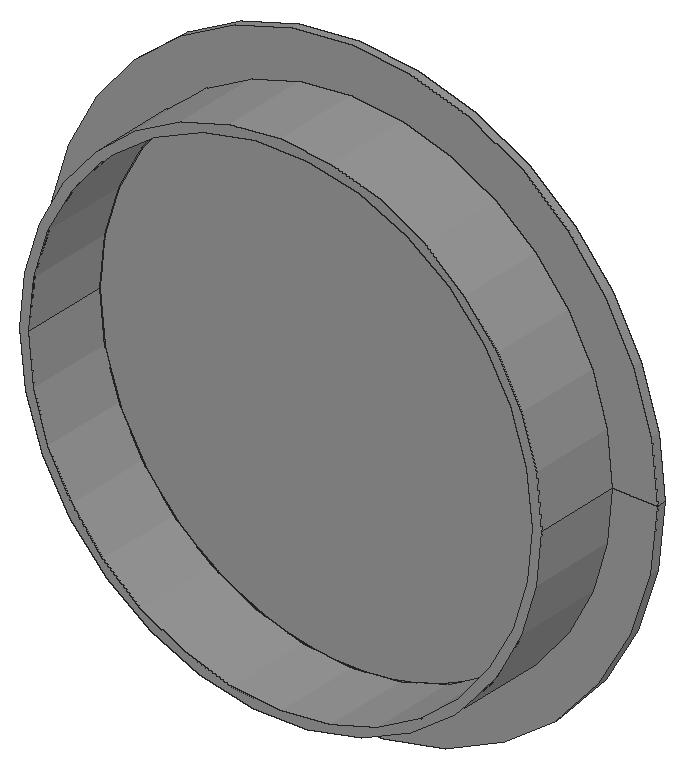
Revit family "Klappdeckel- GES R2 KP", category Generic Models, Revit 2017
Family settings
  Can host rebar = No
  Round Connector Dimension = Use Diameter
  Part Type = Normal
  Work Plane-Based = No
  Always vertical = Yes
  Cut with Voids When Loaded = No
  Shared = No
  Room Calculation Point = No
Parameters (values of type "GES R2 KP")
  URL = "http://www.obo-bettermann.com"
  Material = Die-cast zinc
  Manufacturer Art.No. = "7408847"
  Manufacturer = "OBO BETTERMANN"
  GTIN = "4012196689750"
  Article Type = "GES R2 KP"
Reference planes
  plane 1 "Center (Front/Back)": y = 0
  plane 2: z = 0
  plane 3 "Center (Left/Right)": x = 0
  plane 4: x = 57.64
  plane 5: y = -20.25
  plane 6: y = 3.5
  plane 7: x = 48.9
  plane 8: x = -42.15
Forms (mm)
  Revolve 1, solid, material "Die-cast zinc" <- "Material"
    sketch origin (0, 0, 0) x (1, 0, 0) y (0, 1, 0)
      loop
        line (57.64, 0) -> (70, 0) -> (70, 1.987) -> (63.13, 3.5) -> (57.64, 3.5) -> (57.64, 0)
      axis (0, 3.5) -> (0, 0)
    angle from 0 to 360
  Extrusion 2, solid, material "Die-cast zinc" <- "Material"
    sketch origin (0, 0, 0) x (1, 0, 0) y (0, 0, 1)
      loop
        circle (0, 0) r 57.64
      loop
        circle (0, 0) r 59.64
    from 0 to 20.25
  Extrusion 3, solid, material "Die-cast zinc" <- "Material"
    sketch origin (0, 0, 0) x (1, 0, 0) y (0, 0, 1)
      loop
        arc (48.9, 27.036) -> (47.577, 31.919) -> (44.687, 36.072) r 14.8
        arc (44.687, 36.072) -> (24.817, 51.981) -> (0, 57.64) r 56.921
        arc (0, 57.64) -> (-40.86, 40.652) -> (-57.739, -0.252) r 57.816
        arc (-57.739, -0.252) -> (-53.476, -21.581) -> (-41.656, -39.839) r 58.006
        arc (-41.656, -39.839) -> (-22.65, -53.003) -> (0, -57.64) r 57.64
        arc (0, -57.64) -> (22.83, -52.926) -> (41.925, -39.556) r 57.64
        arc (41.925, -39.556) -> (44.225, -36.92) -> (46.314, -34.115) r 45.132
        arc (46.314, -34.115) -> (48.065, -30.743) -> (48.9, -27.036) r 14.8
        line (48.9, -27.036) -> (48.9, 27.036)
    from -3.5 to 0
  Extrusion 4, solid
    sketch origin (0, 0, 0) x (1, 0, 0) y (0, 0, 1)
      loop
        arc (45.903, 34.547) -> (47.925, 31.001) -> (48.9, 27.036) r 14.8
        line (48.9, 27.036) -> (48.9, -27.036)
        arc (48.9, -27.036) -> (47.952, -31.029) -> (45.943, -34.608) r 14.8
        arc (45.943, -34.608) -> (54.625, -18.262) -> (57.64, 0) r 57.275
        arc (57.64, 0) -> (54.638, 18.247) -> (45.903, 34.547) r 56.489
    from -3.5 to 0
Dimensions and locks
  locked: plane 4 to Revolve 1 sketch curve at 12.36
  locked: Revolve 1 to plane 3 "Center (Left/Right)" at 57.64  (x2)
  locked: Revolve 1 to plane 3 "Center (Left/Right)" at 70
  locked: Extrusion 2 sketch curve to plane 3 "Center (Left/Right)" at 59.64
  locked: plane 3 "Center (Left/Right)" to Extrusion 2 sketch curve  (x2)
  locked: plane 6 to plane 5 at 23.75
  aligned and locked: level to plane 2
  aligned and locked: Revolve 1 sketch curve to plane 3 "Center (Left/Right)"
  aligned and locked: plane 1 "Center (Front/Back)" to Revolve 1 sketch curve
  aligned and locked: Revolve 1 sketch curve to plane 4
  aligned and locked: Extrusion 2 to plane 1 "Center (Front/Back)"
  aligned and locked: Revolve 1 to plane 6
  aligned and locked: Extrusion 2 to plane 5
  aligned and locked: Extrusion 4 sketch curve to Extrusion 3
  aligned and locked: Revolve 1 to Extrusion 4
  aligned and locked: plane 1 "Center (Front/Back)" to Extrusion 4
Automatic sketch dimensions
  plane 6 to Revolve 1 sketch curve = 0 mm
  plane 4 to Revolve 1 sketch curve = 5.49 mm
  Revolve 1 sketch curve to plane 6 = 1.513 mm
  Revolve 1 sketch curve to plane 5 = 99.75 mm
  plane 6 to Revolve 1 sketch curve = 516.5 mm
  Extrusion 2 sketch curve to Extrusion 2 sketch curve = 0 mm
  Extrusion 2 sketch curve to level = 0 mm
  Extrusion 3 sketch curve to Extrusion 3 sketch curve = 0 mm  (x3)
  Extrusion 3 sketch curve to plane 3 "Center (Left/Right)" = 0 mm  (x4)
  Extrusion 3 sketch curve to level = 0 mm
  Extrusion 3 sketch curve to plane 7 = 0 mm
  plane 3 "Center (Left/Right)" to Extrusion 3 sketch curve = 0.075 mm
  plane 3 "Center (Left/Right)" to Extrusion 3 sketch curve = 0.076 mm
  plane 3 "Center (Left/Right)" to Extrusion 3 sketch curve = 0.265 mm
  Extrusion 3 sketch curve to level = 8.584 mm
  Extrusion 3 sketch curve to plane 7 = 14.736 mm  (x2)
  Extrusion 3 sketch curve to level = 25.665 mm
  Extrusion 3 sketch curve to Extrusion 3 sketch curve = 1.372 mm  (x2)
  Extrusion 3 sketch curve to level = 0.176 mm
  level to Extrusion 3 sketch curve = 0.253 mm
  Extrusion 3 sketch curve to Extrusion 3 sketch curve = 0.466 mm
  level to Extrusion 3 sketch curve = 25.665 mm
  Extrusion 3 sketch curve to level = 0.252 mm
  Extrusion 3 sketch curve to plane 7 = 6.975 mm
  Extrusion 4 sketch curve to level = 0 mm  (x2)
  level to Extrusion 4 sketch curve = 0.077 mm
  plane 3 "Center (Left/Right)" to Extrusion 4 sketch curve = 0.365 mm
  level to Extrusion 4 sketch curve = 0.076 mm
  Extrusion 4 sketch curve to Extrusion 4 sketch curve = 0.786 mm
  Extrusion 4 sketch curve to level = 25.645 mm
  plane 3 "Center (Left/Right)" to Extrusion 4 sketch curve = 34.166 mm
  level to Extrusion 4 sketch curve = 25.516 mm
  Extrusion 4 sketch curve to Extrusion 4 sketch curve = 0 mm  (x2)
  Extrusion 4 sketch curve to Extrusion 4 sketch curve = 2.997 mm
  radius of Extrusion 2 sketch curve = 57.64 mm
